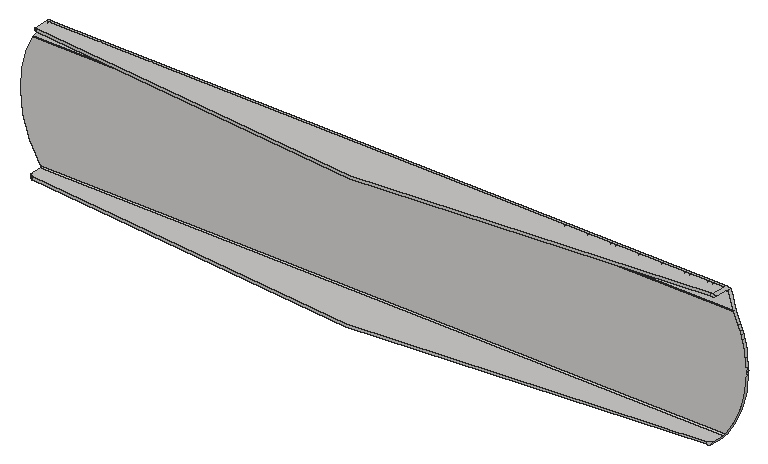
Revit family "PRD_FrankeWS_Shlvs_STRATOSShelf_STRX624", category Specialty Equipment, host Face, Revit 2018
Family settings
  Host = Face
  Round Connector Dimension = Use Diameter
  Part Type = Normal
  OmniClass Number = 23.40.20.21
  OmniClass Title = Toilet and Bath Specialties
  Cut with Voids When Loaded = No
  Shared = No
  Room Calculation Point = No
Parameters (values of type "STRX624")
  WarrantyStartDate [instance] = "1900-12-31T23:59:59"
  WarrantyGuarantorParts = "n/a"
  WarrantyGuarantorLabor = "n/a"
  WarrantyDurationUnit = "year"
  WarrantyDurationParts = "n/a"
  WarrantyDurationLabor = "n/a"
  WarrantyDescription = "n/a"
  Version = "1"
  Uniclass2015Version = "Products v1.10"
  Uniclass2015Title = "Bathroom shelves"
  Uniclass2015Code = "Pr_40_30_78_06"
  URL = "www.kwc.com"
  TypeOfMounting = "Wall mounting"
  TypeOfFixing = "Screw"
  TagNumber [instance] = "n/a"
  SustainabilityPerformance = "n/a"
  SurfaceTreatment = "InoxPlus (anti fingerprint)"
  Style = "n/a"
  Size = "600 x 45 x 110 mm"
  ShelfMaterial = PRD_AR_StainlessSteel_SatinFinished
  Shape = "n/a"
  SerialNumber [instance] = "n/a"
  Revision = "n/a"
  ReplacementCost = "n/a"
  ProductInformation = "https://pim.kwc.com/product/2000102701/attachment/datasheet?locale=en"
  NominalWidth = 600.00 mm
  NominalHeight = 45.00 mm
  NominalDepth = 110.00 mm
  NetWeight = 1.54 kg
  Name = "STRATOS shelf STRX624"
  NBSTypeID = "n/a"
  NBSReference = "45-35-72/354"
  NBSOfficeMasterTag = "n/a"
  NBSNote = "n/a"
  NBSDescription = "Shelves"
  NBSCertification = "n/a"
  ModelReference = "STRX624"
  ModelNumber = "2000102701"
  Model = ModelReference  # "STRX624"
  MaterialThickness = "2.00 mm"
  MaterialCode = "1.4301"
  Material = "stainless steel"
  ManufacturerURL = "www.kwc.com"
  ManufacturerName = "KWC Group AG"  # constant formula
  Manufacturer = ManufacturerName  # "KWC Group AG"
  MainColor = "stainless steel"
  IsBuiltIn = "TRUE"
  InstallationDate [instance] = "1900-12-31T23:59:59"
  IfcExportType = "USERDEFINED"
  IfcExportAs = "IfcFurnitureType"
  GrossWeight = 1.71 kg
  Grade = "n/a"
  Finish = "satin finished"
  Features = "stainless steel, surface satin finished"
  ExpectedLife = "n/a"
  DurationUnit = "year"
  Description = "Shelf for wall mounting, stainless steel, surface satin finished, front with InoxPlus surface refinement for the reduction of finger marks and better cleaning characteristics (easy to clean), material thickness 2 mm, rounded edges, protection edge at front, includes stainless steel screws and dowels."
  Default Elevation = 1600.00 mm
  CreateOn = "11/2019"  # constant formula
  Constituents = "n/a"
  Color = "n/a"
  CodePerformance = "n/a"
  Category = "Pr_40_30_78_06, Bathroom shelves"
  BarCode [instance] = "n/a"
  BIMObjectName = "PRD_AR_Shelves_STRATOSShelf_STRX624"
  Author = "Archispace"  # constant formula
  AssetType = "Fixed"
  AssetIdentifier [instance] = "n/a"
  AccessibilityPerformance = "n/a"
Reference planes
  plane 1 "Center (Front/Back)": y = 0
  plane 2: z = 0
  plane 3 "Center (Left/Right)": x = 0
Forms (mm)
  Extrusion 1, solid, material "PRD_AR_StainlessSteel_SatinFinished" <- "ShelfMaterial", detail levels fine
    sketch origin (0, 0, 0) x (0, 1, 0) y (0, 0, 1)
      loop
        line (-41, 0) -> (-3, 0)
        arc (-3, 0) -> (-0.879, 0.879) -> (0, 3) r 3
        line (0, 3) -> (0, 95.538)
        arc (0, 95.538) -> (0.042, 95.992) -> (0.165, 96.432) r 2.5
        line (0.165, 96.432) -> (3.802, 105.927)
        arc (3.802, 105.927) -> (3.472, 108.7) -> (1, 110) r 3
        line (1, 110) -> (-37, 110) -> (-37, 108) -> (1, 108)
        arc (1, 108) -> (1.824, 107.567) -> (1.934, 106.642) r 1
        line (1.934, 106.642) -> (-1.702, 97.147)
        arc (-1.702, 97.147) -> (-1.925, 96.356) -> (-2, 95.538) r 4.5
        line (-2, 95.538) -> (-2, 3)
        arc (-2, 3) -> (-2.293, 2.293) -> (-3, 2) r 1
        line (-3, 2) -> (-41, 2) -> (-41, 0)
    from -300 to 300
  Extrusion 2, void
    sketch origin (0, 0, 0) x (1, 0, 0) y (0, 0, 1)
      loop
        line (277.561, -4.025) -> (304.497, -4.025) -> (304.497, 112.507) -> (277.958, 112.507)
        arc (277.958, 112.507) -> (300.001, 54.166) -> (277.561, -4.025) r 87.441
      loop
        arc (-277.561, -4.025) -> (-300.001, 54.166) -> (-277.958, 112.507) r 87.441
        line (-277.958, 112.507) -> (-304.497, 112.507) -> (-304.497, -4.025) -> (-277.561, -4.025)
    from -13.093 to 47.591
  Extrusion 3, void
    sketch origin (0, 0, 0) x (1, 0, 0) y (0, 1, 0)
      loop
        arc (-278.536, -11.933) -> (-280.433, -11.071) -> (-281.697, -9.413) r 4.267
        line (-281.697, -9.413) -> (-285.969, -9.413) -> (-285.969, -39.413) -> (284.059, -39.413) -> (284.059, -9.413) -> (281.697, -9.413)
        arc (281.697, -9.413) -> (280.433, -11.071) -> (278.536, -11.933) r 4.267
        arc (278.536, -11.933) -> (0, -37) -> (-278.536, -11.933) r 1560
    from 88.281 to 122.033
  Extrusion 4, void
    sketch origin (0, 0, 0) x (1, 0, 0) y (0, 1, 0)
      loop
        arc (-278.536, -15.933) -> (-280.433, -15.071) -> (-281.697, -13.413) r 4.267
        line (-281.697, -13.413) -> (-285.969, -13.413) -> (-285.969, -49.413) -> (284.059, -49.413) -> (284.059, -13.413) -> (281.697, -13.413)
        arc (281.697, -13.413) -> (280.433, -15.071) -> (278.536, -15.933) r 4.267
        arc (278.536, -15.933) -> (0, -41) -> (-278.536, -15.933) r 1560
    from 0 to 14.392
  Extrusion 5, solid, material "PRD_AR_StainlessSteel_SatinFinished" <- "ShelfMaterial", detail levels medium
    sketch origin (0, 0, 0) x (0, 1, 0) y (0, 0, 1)
      loop
        line (-41, 0) -> (-3, 0)
        arc (-3, 0) -> (-0.879, 0.879) -> (0, 3) r 3
        line (0, 3) -> (0, 95.538)
        arc (0, 95.538) -> (0.042, 95.992) -> (0.165, 96.432) r 2.5
        line (0.165, 96.432) -> (3.802, 105.927)
        arc (3.802, 105.927) -> (3.472, 108.7) -> (1, 110) r 3
        line (1, 110) -> (-37, 110) -> (-37, 108) -> (1, 108)
        arc (1, 108) -> (1.824, 107.567) -> (1.934, 106.642) r 1
        line (1.934, 106.642) -> (-1.702, 97.147)
        arc (-1.702, 97.147) -> (-1.925, 96.356) -> (-2, 95.538) r 4.5
        line (-2, 95.538) -> (-2, 3)
        arc (-2, 3) -> (-2.293, 2.293) -> (-3, 2) r 1
        line (-3, 2) -> (-41, 2) -> (-41, 0)
    from -300 to 300
  Extrusion 6, solid, material "PRD_AR_StainlessSteel_SatinFinished" <- "ShelfMaterial", detail levels coarse
    sketch origin (0, 0, 0) x (0, 1, 0) y (0, 0, 1)
      loop
        line (4.246, 0) -> (4.246, 110) -> (-37, 110) -> (-37, 0) -> (4.246, 0)
    from -300 to 300
Cuts and joins
  Extrusion 2, Extrusion 3, Extrusion 4 cuts Extrusion 1
Dimensions and locks
  aligned and locked: plane 2 to host face
  aligned and locked: level to host face
